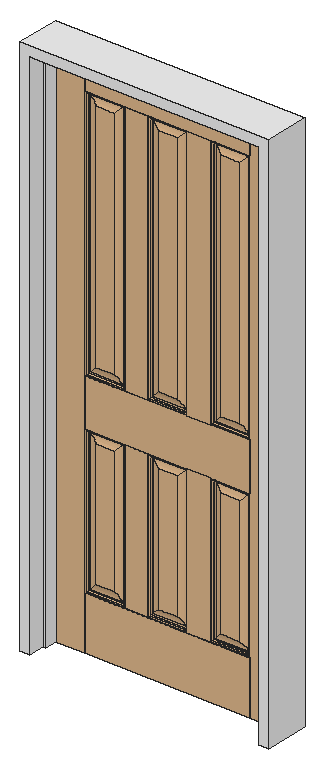
Revit family
Parameters (values of type "1 3/4" Raised Panel")
  URL = "http://www.karonadoor.com"
  Thickness Note = "Do not edit thickness."  # constant formula
  Thickness = 1.774"
  Swing Angle 2D = 90.00°
  SmartBIM Object Version = 1  # constant formula
  SmartBIM Object Created By = "Reed Construction Data"  # constant formula
  Rough Width = 0.000"
  Rough Height = 1.750"
  Panel = Panel_K3060_Karona : 1 3/4" - Raised Panel
  Model = "K3060 Ogee"  # constant formula
  Manufacturer = "Karona , Inc."  # constant formula
  Detail Door Thickness = 1.750"
  Assembly Code = ""
  Top Rail Height = 5.000"
  Top Rail = Wood, Cherry - Grain Horizontal
  Stile Width = 5.063"
  Stile = Wood, Cherry - Grain Vertical
  Sticking = Wood, Cherry - Grain Vertical
  Middle Rail = Wood, Cherry - Grain Horizontal
  Height = 84.000"
  Wall Closure = (empty or 0)
  Width = 36.000"
  Frame = Metal
  Bottom Rail Height = 8.500"
  Bottom Rail = Wood, Cherry - Grain Horizontal
  95 CSI = "08210"  # constant formula
  04 CSI = "08 14 33"  # constant formula
Types (9): name | Thickness | Rough Height | Panel | Detail Door Thickness
  1 3/4" Flat Panel | 1.774" | 1.750" | Panel_K3060_Karona : 1 3/4" - Flat Panel | 1.750"
  1 3/8" Flat Panel | 1.334" | 0.000" | Panel_K3060_Karona : 1 3/8" - Flat Panel | 1.375"
  2 1/4" Flat Panel | 2.250" | 0.000" | Panel_K3060_Karona : 2 1/4" - Flat Panel | 2.250"
  1 3/4" Glass Panel | 1.774" | 1.750" | Panel_K3060_Karona : 1 3/4" - Glass Panel | 1.750"
  1 3/8" Glass Panel | 1.334" | 0.000" | Panel_K3060_Karona : 1 3/8" - Glass Panel | 1.375"
  2 1/4" Glass Panel | 2.250" | 0.000" | Panel_K3060_Karona : 2 1/4" - Glass | 2.250"
  1 3/4" Raised Panel | 1.774" | 1.750" | Panel_K3060_Karona : 1 3/4" - Raised Panel | 1.750"
  1 3/8" Raised Panel | 1.334" | 0.000" | Panel_K3060_Karona : 1 3/8" - Raised Panel | 1.375"
  2 1/4" Raised Panel | 2.250" | 0.000" | Panel_K3060_Karona : 2 1/4" - Raised Panel | 2.250"
Reference planes (in)
  plane 1 "Center (Front/Back)": y = 0
  plane 2 "Center (Left/Right)": x = 0
  plane 3 "Left": x = -18
  plane 4 "Right": x = 18
  plane 5 "Top": z = 84
  plane 6 "Exterior Edge of Frame": y = 3.5
  plane 7 "Interior Edge of Frame": y = -3.5
  plane 8: y = 1
  plane 9: y = -1
  plane 10 "Opening Left": x = -19.5
  plane 11 "Opening Right": x = 19.5
  plane 12 "Top of Opening": z = 85.5
  plane 13: x = -17.5
Forms (in)
  Sweep 1, solid, material "Metal" <- "Frame"
    path origin (0, 0, 0) x (1, 0, 0) y (0, 0, 1)
      loop
        line (-19.5, 0) -> (-19.5, 85.5) -> (19.5, 85.5) -> (19.5, 0)
    profile origin (-19.5, 0, 42.75) x (-1, 0, 0) y (0, -1, 0)
      loop
        line (0, -3.5) -> (0, 3.5) -> (-1.5, 3.5) -> (-1.5, 1) -> (-2, 1) -> (-2, -1) -> (-1.5, -1) -> (-1.5, -3.5) -> (0, -3.5)
Lines and regions (in)
  Opening 1
    outline origin (-90, -3, 0) x (1, 0, 0) y (0, 0, 1)
      loop
        line (70.5, 0) -> (109.5, 0) -> (109.5, 85.5) -> (70.5, 85.5) -> (70.5, 0)
  symbolic lines, style "Elevation Swing"
    curve 1: line (18, 3, 0) -> (-18, 3, 42)
    curve 2: line (-18, 3, 42) -> (18, 3, 84)
Text (in)
  text "Exterior" at (-46.13199, 20.20143, 0), in view "Ref. Level"
  text "Interior" at (-46.13199, -10.56751, 0), in view "Ref. Level"
  text "Exterior" at (0, 40.15149, 123.01588), in view "Right"
  text "Interior" at (0, -64.39139, 123.01588), in view "Right"
  text "Interior" at (0, -31.01599, 123.00693), in view "Left"
  text "Exterior" at (0, 54.57065, 123.00693), in view "Left"
Dimensions and locks (in)
  "Height": level to plane 5 "Top"
  "Width": plane 3 "Left" to plane 4 "Right"
  equal spacing: host wall, curve 2, plane 5 "Top"
  locked: host wall to plane 7 "Interior Edge of Frame" at 0.5
  locked: plane 6 "Exterior Edge of Frame" to host wall at 0.5
  locked: plane 9 to plane 7 "Interior Edge of Frame" at 2.5
  locked: plane 6 "Exterior Edge of Frame" to plane 8 at 2.5
  equal spacing: plane 3 "Left", plane 2 "Center (Left/Right)", plane 4 "Right"
  locked: plane 4 "Right" to plane 11 "Opening Right" at 1.5
  locked: plane 5 "Top" to plane 12 "Top of Opening" at 1.5
  locked: plane 3 "Left" to plane 13 at 0.5
  locked: plane 10 "Opening Left" to plane 3 "Left" at 1.5
  aligned and locked: Opening 1 sketch curve to level
  aligned and locked: plane 4 "Right" to curve 1
  aligned and locked: plane 3 "Left" to curve 1
  aligned and locked: plane 5 "Top" to curve 2
  aligned and locked: Opening 1 sketch curve to plane 11 "Opening Right"
  aligned and locked: plane 12 "Top of Opening" to Opening 1 sketch curve
  aligned and locked: Opening 1 sketch curve to plane 10 "Opening Left"
  aligned and locked: plane 10 "Opening Left" to Sweep 1 sketch curve
  aligned and locked: plane 12 "Top of Opening" to Sweep 1 sketch curve
  aligned and locked: plane 11 "Opening Right" to Sweep 1 sketch curve
  aligned and locked: level to Sweep 1 sketch curve  (x2)
  aligned and locked: Sweep 1 sketch curve to plane 10 "Opening Left"
  aligned and locked: Sweep 1 sketch curve to plane 6 "Exterior Edge of Frame"
  aligned and locked: Sweep 1 sketch curve to plane 7 "Interior Edge of Frame"
  aligned and locked: Sweep 1 sketch curve to plane 8
  aligned and locked: Sweep 1 sketch curve to plane 9
  aligned and locked: plane 13 to Sweep 1 sketch curve
  aligned and locked: plane 3 "Left" to Sweep 1 sketch curve  (x2)
  aligned and locked: nested 1 to plane 2 "Center (Left/Right)"
  aligned and locked: nested 1 to plane 8
  aligned and locked: nested 2 to plane 3 "Left"
  aligned and locked: nested 2 to plane 8
Automatic sketch dimensions
  curve 1 to level = 0.000"
  curve 2 to plane 4 "Right" = 0.000"
Nested families (in)
  nested 1: "Panel_K3060_Karona" at (-13.5, 0.6575, 0) x (-1, 0, 0) z (0, 0, 1), type <- "Panel", type "1 3/4" - Raised Panel"
    with Top Panel Height 40.000", Panel Height 70.500", Height 84.000", Bottom Rail Height 8.500", Bottom Panel Height 23.000"
  nested 2: "Door Panel Plan View" at (-31.5, 1, 0) x (-1, 0, 0) z (0, 0, 1), type "Door Panel Plan View"
    with Thickness 1.750", Height 84.000"
Definition of nested family "Panel_K3060_Karona"
  Parameters (values of type "1 3/4" - Raised Panel")
    Width = 36.000"
    Top Rail Material = Wood, Cherry - Grain Horizontal
    Top Rail Height = 5.000"
    Top Panel Height = Height - (Bottom Panel Height + Top Rail Height + Bottom Rail Height + Lock Rail Height)  # 56.000"
    Thickness Note = "Do not change door thickness"  # constant formula
    Thickness = 1.774"
    Stile Width = 5.063"
    Stile Material = Wood, Cherry - Grain Vertical
    Sticking Material = Wood, Cherry - Grain Vertical
    Panel Width = (Width - (2 * Stile Width) - (2 * Mullion Width)) / 3  # 6.208"
    Panel Height = Height - (Bottom Rail Height + Top Rail Height)  # 80.000"
    Panel = Glass-Sticking-Assembly-Ogee_Karona : Raised Panel
    Mullion Width = 3.625"  # constant formula
    Lock Rail Height = 7.500"  # constant formula
    Interior Panel = Wood, Cherry - Grain Vertical
    Height = 100.000"
    Half Panel Width = 0.5 * Panel Width  # 3.104"
    Exterior Edge - Glass Bottom Offset = if(Thickness = 1.774", 0.567", if(Thickness = 2.250", 0.803", 0.469"))  # 0.567"
    Door Panel Material = Wood, Cherry - Grain Vertical
    Default Elevation = 0.000"  # constant formula
    Bottom Rail Material = Wood, Cherry - Grain Horizontal
    Bottom Rail Height = 15.000"
    Bottom Panel Height = Bottom Height - (Lock Rail Height + Bottom Rail Height)  # 16.500"
    Bottom Height = 39.000"
    Assembly Code = ""
  Types (9): name | Top Panel Height | Thickness | Panel Height | Panel | Interior Panel | Height | Exterior Edge - Glass Bottom Offset | Bottom Rail Height | Bottom Panel Height
    2 1/4" - Flat Panel | 40.000" | 2.250" | 70.500" | Glass-Sticking-Assembly-Ogee_Karona : Flat Panel | Wood, Cherry - Grain Vertical | 84.000" | 0.803" | 8.500" | 23.000"
    2 1/4" - Glass | 40.000" | 2.250" | 70.500" | Glass-Sticking-Assembly-Ogee_Karona : Glass Panel | Glass | 84.000" | 0.803" | 8.500" | 23.000"
    2 1/4" - Raised Panel | 40.000" | 2.250" | 70.500" | Glass-Sticking-Assembly-Ogee_Karona : Raised Panel | Wood, Cherry - Grain Vertical | 84.000" | 0.803" | 8.500" | 23.000"
    1 3/4" - Raised Panel | 56.000" | 1.774" | 80.000" | Glass-Sticking-Assembly-Ogee_Karona : Raised Panel | Wood, Cherry - Grain Vertical | 100.000" | 0.567" | 15.000" | 16.500"
    1 3/4" - Flat Panel | 40.000" | 1.774" | 70.500" | Glass-Sticking-Assembly-Ogee_Karona : Flat Panel | Wood, Cherry - Grain Vertical | 84.000" | 0.567" | 8.500" | 23.000"
    1 3/4" - Glass Panel | 40.000" | 1.774" | 70.500" | Glass-Sticking-Assembly-Ogee_Karona : Glass Panel | Glass | 84.000" | 0.567" | 8.500" | 23.000"
    1 3/8" - Raised Panel | 40.000" | 1.334" | 70.500" | Glass-Sticking-Assembly-Ogee_Karona : Raised Panel | Wood, Cherry - Grain Vertical | 84.000" | 0.469" | 8.500" | 23.000"
    1 3/8" - Glass Panel | 40.000" | 1.334" | 70.500" | Glass-Sticking-Assembly-Ogee_Karona : Glass Panel | Glass | 84.000" | 0.469" | 8.500" | 23.000"
    1 3/8" - Flat Panel | 40.000" | 1.334" | 70.500" | Glass-Sticking-Assembly-Ogee_Karona : Flat Panel | Wood, Cherry - Grain Horizontal | 84.000" | 0.469" | 8.500" | 23.000"
  Reference planes (in)
    plane 1 "Center (Front/Back)": y = 1.2295
    plane 2: z = 0
    plane 3 "Center (Left/Right)": x = -13.5
    plane 4 "Left": x = -31.5
    plane 5: x = 4.5
    plane 6 "Inner Left": x = -26.437
    plane 7 "Inner Right": x = -0.563
    plane 8: z = 15
    plane 9 "Bottom Of Top Rail": z = 95
    plane 10 "Top": z = 100
    plane 11 "Interior Edge of Door": y = 2.1165
    plane 12: z = 95
    plane 13 "Exterior Edge of Door": y = 0.3425
    plane 14 "Bottom of Glass": y = 0.9095
    plane 15 "Left Panel Vertical Midline": x = -23.333
    plane 16 "Right Panel Vertical Midline": x = -3.667
    plane 17 "Center of Left Vertical Mullion": x = -18.4165
    plane 18 "Center of Right Vertical Mullion": x = -8.5835
    plane 19: z = 39
    plane 20: z = 31.5
    plane 21: z = 67
    plane 22: z = 23.25
  Forms (in)
    Extrusion 1, solid, material "Wood, Cherry - Grain Horizontal" <- "Bottom Rail Material"
      sketch origin (0, -101.3125, 0) x (1, 0, 0) y (0, 0, 1)
        loop
          line (-26.437, 0) -> (-0.563, 0) -> (-0.563, 15) -> (-26.437, 15) -> (-26.437, 0)
      from -103.429 to -101.655
    Extrusion 2, solid, material "Wood, Cherry - Grain Vertical" <- "Stile Material"
      sketch origin (0, 1.2295, 0) x (1, 0, 0) y (0, 0, 1)
        loop
          line (-31.5, 100) -> (-31.5, 0) -> (-26.437, 0) -> (-26.437, 100) -> (-31.5, 100)
        loop
          line (-0.563, 0) -> (4.5, 0) -> (4.5, 100) -> (-0.563, 100) -> (-0.563, 0)
      from -0.887 to 0.887
    Extrusion 3, solid, material "Wood, Cherry - Grain Horizontal" <- "Top Rail Material"
      sketch origin (0, 1.2295, 0) x (1, 0, 0) y (0, 0, 1)
        loop
          line (-26.437, 100) -> (-26.437, 95) -> (-0.563, 95) -> (-0.563, 100) -> (-26.437, 100)
      from -0.887 to 0.887
    Extrusion 4, solid, material "Wood, Cherry - Grain Vertical" <- "Stile Material"
      sketch origin (0, 1.2295, 0) x (1, 0, 0) y (0, 0, 1)
        loop
          line (-20.229, 39) -> (-16.604, 39) -> (-16.604, 95) -> (-20.229, 95) -> (-20.229, 39)
        loop
          line (-10.396, 39) -> (-6.771, 39) -> (-6.771, 95) -> (-10.396, 95) -> (-10.396, 39)
        loop
          line (-20.229, 31.5) -> (-20.229, 15) -> (-16.604, 15) -> (-16.604, 31.5) -> (-20.229, 31.5)
        loop
          line (-10.396, 31.5) -> (-10.396, 15) -> (-6.771, 15) -> (-6.771, 31.5) -> (-10.396, 31.5)
      from -0.887 to 0.887
    Extrusion 5, solid, material "Wood, Cherry - Grain Horizontal" <- "Top Rail Material"
      sketch origin (-31.5, 1.2295, 0) x (0, 0, 1) y (0, 1, 0)
        loop
          line (39, 0.887) -> (31.5, 0.887) -> (31.5, -0.887) -> (39, -0.887) -> (39, 0.887)
      from -30.937 to -5.063
  Text (in)
    text "EXTERIOR" at (-34.59289, -1.27941, 0), in view "Ref. Level"
    text "EXTERIOR" at (0, -9.65287, 72.76687), in view "Left"
    text "EXTERIOR" at (0, -33.33473, 96.68074), in view "Right"
  Dimensions and locks (in)
    equal spacing: plane 4 "Left", plane 3 "Center (Left/Right)", plane 5
    "Width": plane 4 "Left" to plane 5
    "Stile Width": plane 4 "Left" to plane 6 "Inner Left"
    "Stile Width": plane 5 to plane 7 "Inner Right"
    "Bottom Rail Height": plane 8 to plane 2
    "Top Rail Height": plane 10 "Top" to plane 9 "Bottom Of Top Rail"
    "Height": plane 10 "Top" to plane 2
    equal spacing: plane 11 "Interior Edge of Door", plane 1 "Center (Front/Back)", plane 13 "Exterior Edge of Door"
    "Thickness": plane 11 "Interior Edge of Door" to plane 13 "Exterior Edge of Door"
    "Exterior Edge - Glass Bottom Offset": plane 14 "Bottom of Glass" to plane 13 "Exterior Edge of Door"
    "Exterior Edge - Glass Bottom Offset": plane 13 "Exterior Edge of Door" to plane 14 "Bottom of Glass"
    "Half Panel Width": plane 15 "Left Panel Vertical Midline" to plane 6 "Inner Left"
    "Half Panel Width": plane 7 "Inner Right" to plane 16 "Right Panel Vertical Midline"
    equal spacing: plane 3 "Center (Left/Right)", plane 17 "Center of Left Vertical Mullion", plane 15 "Left Panel Vertical Midline"
    equal spacing: Extrusion 4 sketch curve, plane 17 "Center of Left Vertical Mullion", Extrusion 4 sketch curve  (x2)
    locked: Extrusion 4 sketch curve to Extrusion 4 sketch curve at 3.625  (x4)
    equal spacing: plane 16 "Right Panel Vertical Midline", plane 18 "Center of Right Vertical Mullion", plane 3 "Center (Left/Right)"
    equal spacing: Extrusion 4 sketch curve, plane 18 "Center of Right Vertical Mullion", Extrusion 4 sketch curve  (x2)
    "Lock Rail Height": plane 19 to plane 20
    "Lock Rail Height": Extrusion 5 sketch curve to Extrusion 5 sketch curve
    Extrusion 5 to Extrusion 5 = 25.874"
    equal spacing: plane 12, plane 21, plane 19
    equal spacing: plane 20, plane 22, plane 8
    "Bottom Height": plane 19 to level
    aligned and locked: Extrusion 1 to plane 2
    aligned and locked: plane 11 "Interior Edge of Door" to Extrusion 1
    aligned and locked: plane 4 "Left" to Extrusion 2 sketch curve
    aligned and locked: Extrusion 2 sketch curve to plane 10 "Top"
    aligned and locked: Extrusion 2 sketch curve to Extrusion 1  (x3)
    aligned and locked: Extrusion 1 to Extrusion 2 sketch curve
    aligned and locked: plane 10 "Top" to Extrusion 2 sketch curve
    aligned and locked: plane 5 to Extrusion 2 sketch curve
    aligned and locked: plane 11 "Interior Edge of Door" to Extrusion 2
    aligned and locked: Extrusion 2 to Extrusion 3 sketch curve
    aligned and locked: Extrusion 3 sketch curve to Extrusion 2
    aligned and locked: plane 11 "Interior Edge of Door" to Extrusion 3
    aligned and locked: plane 12 to plane 9 "Bottom Of Top Rail"
    aligned and locked: level to plane 2
    aligned and locked: Extrusion 3 to plane 13 "Exterior Edge of Door"
    aligned and locked: Extrusion 3 to plane 11 "Interior Edge of Door"
    aligned and locked: Extrusion 2 to plane 13 "Exterior Edge of Door"
    aligned and locked: Extrusion 3 to plane 12
    aligned and locked: Extrusion 1 to Extrusion 2
    aligned and locked: nested 1 to plane 1 "Center (Front/Back)"
    aligned and locked: nested 1 to plane 15 "Left Panel Vertical Midline"
    aligned and locked: plane 3 "Center (Left/Right)" to nested 3
    aligned and locked: nested 3 to plane 1 "Center (Front/Back)"
    aligned and locked: nested 2 to plane 1 "Center (Front/Back)"
    aligned and locked: nested 2 to plane 16 "Right Panel Vertical Midline"
    aligned and locked: Extrusion 4 sketch curve to plane 12  (x2)
    aligned and locked: plane 11 "Interior Edge of Door" to Extrusion 4
    aligned and locked: Extrusion 4 to plane 13 "Exterior Edge of Door"
    aligned and locked: plane 11 "Interior Edge of Door" to Extrusion 5 sketch curve
    aligned and locked: Extrusion 5 sketch curve to plane 20
    aligned and locked: Extrusion 5 sketch curve to plane 13 "Exterior Edge of Door"
    aligned and locked: plane 7 "Inner Right" to Extrusion 5
    aligned and locked: Extrusion 5 to plane 6 "Inner Left"
    aligned and locked: Extrusion 4 sketch curve to plane 19  (x2)
    aligned and locked: nested 2 to nested 5
    aligned and locked: plane 15 "Left Panel Vertical Midline" to nested 4
    aligned and locked: plane 3 "Center (Left/Right)" to nested 6
    aligned and locked: Extrusion 4 sketch curve to plane 20  (x2)
    aligned and locked: Extrusion 4 sketch curve to plane 8  (x2)
    aligned and locked: plane 21 to nested 5
    aligned and locked: plane 21 to nested 6
    aligned and locked: plane 21 to nested 4
    aligned and locked: plane 22 to nested 2
    aligned and locked: plane 22 to nested 3
    aligned and locked: plane 22 to nested 1
  Automatic sketch dimensions
    Extrusion 1 sketch curve to plane 6 "Inner Left" = 0.000"
    Extrusion 1 sketch curve to plane 7 "Inner Right" = 0.000"
    Extrusion 1 sketch curve to level = 0.000"
    Extrusion 1 sketch curve to plane 8 = 0.000"
    Extrusion 3 sketch curve to plane 7 "Inner Right" = 0.000"
    Extrusion 3 sketch curve to plane 9 "Bottom Of Top Rail" = 0.000"
  Nested families (in)
    nested 1: "Glass-Sticking-Assembly-Ogee_Karona" at (-23.80175, 1.378, 15), Width <- "Panel Width", Height <- "Bottom Panel Height", type <- "Panel", type "Raised Panel"
      with Width 6.208", Height 16.500"
    nested 2: "Glass-Sticking-Assembly-Ogee_Karona" at (-4.13575, 1.378, 15), Width <- "Panel Width", Height <- "Bottom Panel Height", type <- "Panel", type "Raised Panel"
      with Width 6.208", Height 16.500"
    nested 3: "Glass-Sticking-Assembly-Ogee_Karona" at (-13.96875, 1.378, 15), Width <- "Panel Width", Height <- "Bottom Panel Height", type <- "Panel", type "Raised Panel"
      with Width 6.208", Height 16.500"
    nested 4: "Glass-Sticking-Assembly-Ogee_Karona" at (-23.80175, 1.38, 39), Width <- "Panel Width", Height <- "Top Panel Height", type <- "Panel", type "Raised Panel"
      with Width 6.208", Height 56.000"
    nested 5: "Glass-Sticking-Assembly-Ogee_Karona" at (-4.13575, 1.38, 39), Width <- "Panel Width", Height <- "Top Panel Height", type <- "Panel", type "Raised Panel"
      with Width 6.208", Height 56.000"
    nested 6: "Glass-Sticking-Assembly-Ogee_Karona" at (-13.96875, 1.38, 39), Width <- "Panel Width", Height <- "Top Panel Height", type <- "Panel", type "Raised Panel"
      with Width 6.208", Height 56.000"
  Definition of nested family "Glass-Sticking-Assembly-Ogee_Karona"
    Parameters (values of type "Glass Panel")
      Width [instance] = 5.000"
      Vertical Profile Offset = if(Glass Panel, 0.490", 0.100")  # 0.490"
      Stop Adjustment = if(and(not(Glass Panel), Door Thickness = 1.774"), 0.513", if(and(not(Glass Panel), Door Thickness = 2.250"), 0.513", if((Glass Panel), 0.125", 0.273")))  # 0.125"
      Profile = Wood, Cherry - Grain Vertical
      Height [instance] = 23.000"
      Raised Panel = no
      Interior Panel = Glass
      Glass Panel = yes
      Door Thickness = 1.334"
      C = if(Door Thickness = 1.774", 0.131", if(Door Thickness = 2.250", 0.370", 0.093"))  # 0.093"
      B = if(Door Thickness = 1.774", 0.567", if(Door Thickness = 2.250", 0.803", 0.469"))  # 0.469"
      Assembly Code = ""
      A = if(Door Thickness = 1.774", 0.128", if(Door Thickness = 2.250", 0.364", 0.095"))  # 0.095"
    Types (3): name | Width | Vertical Profile Offset | Stop Adjustment | Raised Panel | Interior Panel | Glass Panel | Door Thickness | C | B | A
      Glass Panel | 5.000" | 0.490" | 0.125" | no | Glass | yes | 1.334" | 0.093" | 0.469" | 0.095"
      Flat Panel | 4.500" | 0.100" | 0.513" | no | Wood, Cherry - Grain Vertical | no | 2.250" | 0.370" | 0.803" | 0.364"
      Raised Panel | 4.000" | 0.100" | 0.513" | yes | Wood, Cherry - Grain Vertical | no | 2.250" | 0.370" | 0.803" | 0.364"
    Reference planes (in)
      plane 1 "Stop Adjustment Edge": y = -0.3455
      plane 2: z = 0
      plane 3 "Center (Left/Right)": x = 0.46875
      plane 4 "Back": y = 0.3945
      plane 5 "Front": y = -0.9395
      plane 6 "Left": x = -2.03125
      plane 7 "Right": x = 2.96875
      plane 8 "Top": z = 23
      plane 9 "Center (Up/Down)": z = 11.5
      plane 10 "Bottom of Stop": y = -0.2205
      plane 11 "Bottom of Glass": y = -0.4705
      plane 12 "Right Edge of Glass": x = 2.91875
      plane 13 "Left Edge of Glass": x = -1.98125
      plane 14 "Top Edge of Glass": z = 22.90625
      plane 15 "Bottom Edge of Glass": z = 0.09375
      plane 16: x = 2.84375
      plane 17 "A": y = -0.8445
      plane 18 "C": y = 0.3015
      plane 19 "Bottom Cut Line": z = 0.438
      plane 20 "Top Cut Line": z = 22.562
      plane 21 "Cut Vertical Left": x = -1.59325
      plane 22 "Cut Vertical": x = 2.53075
      plane 23 "Center (Front/Back)": y = -0.2725
    Forms (in)
      Sweep 1, solid, material "Wood, Cherry - Grain Vertical" <- "Profile"
        path origin (0, -0.3455, 0) x (1, 0, 0) y (0, 0, 1)
          loop
            line (2.96875, 23) -> (-2.03125, 23) -> (-2.03125, 0) -> (2.96875, 0) -> (2.96875, 23)
        profile origin (2.96875, -0.3455, 11.5) x (0, -1, 0) y (1, 0, 0)
          loop
            line (-0.647, 0) -> (-0.647, -0.438) -> (-0.125, -0.438) -> (-0.125, -0.05) -> (0.125, -0.05) -> (0.125, -0.438) -> (0.499, -0.438) -> (0.499, 0) -> (-0.647, 0)
      Extrusion 2, solid, material "Glass" <- "Interior Panel"
        sketch origin (0, 0, 0) x (1, 0, 0) y (0, 1, 0)
          loop
            line (-1.98125, -0.2205) -> (-1.98125, -0.4705) -> (2.91875, -0.4705) -> (2.91875, -0.2205) -> (-1.98125, -0.2205)
        from 0.09375 to 22.90625
      Extrusion 3, solid, material "Wood, Cherry - Grain Vertical" <- "Profile", visible <- "Raised Panel"
        sketch origin (0, 0, 0) x (1, 0, 0) y (0, 1, 0)
          loop
            line (2.53075, 0.3015) -> (-1.59325, 0.3015) -> (-1.59325, -0.2205) -> (2.53075, -0.2205) -> (2.53075, 0.3015)
          loop
            line (-1.59325, -0.4705) -> (-1.59325, -0.8445) -> (2.53075, -0.8445) -> (2.53075, -0.4705) -> (-1.59325, -0.4705)
        from 0.438 to 22.562
      Sweep 4, void
        path origin (0, -0.2205, 0) x (-1, 0, 0) y (0, 0, 1)
          loop
            line (2.03125, 0) -> (2.03125, 23) -> (-2.96875, 23) -> (-2.96875, 0) -> (2.03125, 0)
        profile "Profile : 05" origin (-2.03125, -0.2205, 11.5) x (1, 0, 0) y (0, 1, 0)
          loop
            line (0, 0.49) -> (0.36169, 0.49096)
            arc (0.36169, 0.49096) -> (1.01257, 0.57642) -> (1.61934, 0.827) r 2.52143
            line (1.61934, 0.827) -> (0, 0.827) -> (0, 0.49)
      Sweep 5, void
        path origin (0, -0.4705, 0) x (-1, 0, 0) y (0, 0, 1)
          loop
            line (-2.96875, 23) -> (-2.96875, 0) -> (2.03125, 0) -> (2.03125, 23) -> (-2.96875, 23)
        profile "Profile : 05" origin (2.96875, -0.4705, 11.5) x (-1, 0, 0) y (0, 1, 0)
          loop
            line (0, -0.102) -> (0, -0.439) -> (1.61934, -0.439)
            arc (1.61934, -0.439) -> (1.01257, -0.18842) -> (0.36169, -0.10296) r 2.52143
            line (0.36169, -0.10296) -> (0, -0.102)
      Sweep 6, void
        path origin (0, 0.3015, 0) x (1, 0, 0) y (0, 0, 1)
          loop
            line (-1.59325, 0.438) -> (2.53075, 0.438) -> (2.53075, 22.562) -> (-1.59325, 22.562) -> (-1.59325, 0.438)
        profile "QuarterCircleCut : QuarterCircleCut" origin (2.53075, 0.3015, 11.5) x (-1, 0, 0) y (0, -1, 0)
          loop
            arc (0.3196, 0) -> (0.182, 0.057) -> (0.125, 0.1946) r 0.1946
            line (0.125, 0.1946) -> (0.125, 0.27745) -> (0, 0.27745) -> (0, 0) -> (0.3196, 0)
      Sweep 7, void
        path origin (0, -0.8445, 0) x (1, 0, 0) y (0, 0, 1)
          loop
            line (-1.59325, 0.438) -> (2.53075, 0.438) -> (2.53075, 22.562) -> (-1.59325, 22.562) -> (-1.59325, 0.438)
        profile "QuarterCircleCut : QuarterCircleCut" origin (2.53075, -0.8445, 11.5) x (-1, 0, 0) y (0, -1, 0)
          loop
            line (0.3196, 0) -> (0, 0) -> (0, -0.27745) -> (0.125, -0.27745) -> (0.125, -0.1946)
            arc (0.125, -0.1946) -> (0.182, -0.057) -> (0.3196, 0) r 0.1946
    Cuts and joins
      Sweep 4, Sweep 5, Sweep 7 cuts Extrusion 3
      Sweep 6, Sweep 7 cuts Sweep 1
    Text (in)
      text "INTERIOR" at (-14.3788, 3.49864, 0), in view "Ref. Level"
    Dimensions and locks (in)
      equal spacing: plane 6 "Left", plane 3 "Center (Left/Right)", plane 7 "Right"
      "Width": plane 6 "Left" to plane 7 "Right"
      "Door Thickness": plane 4 "Back" to plane 5 "Front"
      "Height": plane 8 "Top" to plane 2
      equal spacing: plane 8 "Top", plane 9 "Center (Up/Down)", level
      locked: plane 1 "Stop Adjustment Edge" to plane 11 "Bottom of Glass" at 0.125
      "Stop Adjustment": plane 10 "Bottom of Stop" to plane 1 "Stop Adjustment Edge"
      locked: plane 12 "Right Edge of Glass" to plane 7 "Right" at 0.05
      locked: plane 8 "Top" to plane 14 "Top Edge of Glass" at 0.09375
      locked: plane 15 "Bottom Edge of Glass" to level at 0.09375
      locked: plane 6 "Left" to plane 13 "Left Edge of Glass" at 0.05
      "B": plane 5 "Front" to plane 11 "Bottom of Glass"
      locked: plane 16 to plane 7 "Right" at 0.125
      "A": plane 5 "Front" to plane 17 "A"
      "C": plane 18 "C" to plane 4 "Back"
      plane 4 "Back" to Sweep 1 = 0.615"
      locked: plane 19 "Bottom Cut Line" to level at 0.438
      locked: plane 8 "Top" to plane 20 "Top Cut Line" at 0.438
      locked: plane 6 "Left" to plane 21 "Cut Vertical Left" at 0.438
      locked: plane 22 "Cut Vertical" to plane 7 "Right" at 0.438
      equal spacing: plane 4 "Back", plane 23 "Center (Front/Back)", plane 5 "Front"
      aligned and locked: Sweep 1 sketch curve to plane 7 "Right"
      aligned and locked: Sweep 1 sketch curve to plane 8 "Top"
      aligned and locked: Sweep 1 sketch curve to plane 6 "Left"
      aligned and locked: Sweep 1 sketch curve to level
      aligned and locked: plane 10 "Bottom of Stop" to Sweep 1 sketch curve
      aligned and locked: plane 11 "Bottom of Glass" to Sweep 1 sketch curve
      aligned and locked: Extrusion 2 sketch curve to plane 13 "Left Edge of Glass"
      aligned and locked: Extrusion 2 sketch curve to plane 10 "Bottom of Stop"
      aligned and locked: Extrusion 2 sketch curve to plane 11 "Bottom of Glass"
      aligned and locked: Extrusion 2 sketch curve to plane 12 "Right Edge of Glass"
      aligned and locked: plane 14 "Top Edge of Glass" to Extrusion 2
      aligned and locked: Extrusion 2 to plane 15 "Bottom Edge of Glass"
      aligned and locked: Extrusion 3 sketch curve to plane 18 "C"
      aligned and locked: Extrusion 3 sketch curve to plane 10 "Bottom of Stop"
      aligned and locked: Extrusion 3 sketch curve to plane 11 "Bottom of Glass"
      aligned and locked: Extrusion 3 sketch curve to plane 17 "A"
      aligned and locked: Extrusion 3 to plane 19 "Bottom Cut Line"
      aligned and locked: Extrusion 3 to plane 20 "Top Cut Line"
      aligned and locked: plane 12 "Right Edge of Glass" to Sweep 1 sketch curve
      aligned and locked: plane 22 "Cut Vertical" to Extrusion 3 sketch curve  (x2)
      aligned and locked: Extrusion 3 sketch curve to plane 21 "Cut Vertical Left"  (x2)
      aligned and locked: plane 22 "Cut Vertical" to Sweep 1 sketch curve
      aligned and locked: Sweep 5 sketch curve to plane 6 "Left"
      aligned and locked: plane 8 "Top" to Sweep 5 sketch curve
      aligned and locked: Sweep 5 sketch curve to plane 7 "Right"
      aligned and locked: level to Sweep 5 sketch curve
      aligned and locked: Sweep 4 sketch curve to plane 7 "Right"
      aligned and locked: plane 8 "Top" to Sweep 4 sketch curve
      aligned and locked: Sweep 4 sketch curve to plane 6 "Left"
      aligned and locked: level to Sweep 4 sketch curve
      aligned and locked: plane 18 "C" to Sweep 1 sketch curve
      aligned and locked: Sweep 6 sketch curve to plane 21 "Cut Vertical Left"
      aligned and locked: plane 22 "Cut Vertical" to Sweep 6 sketch curve
      aligned and locked: Sweep 6 sketch curve to plane 19 "Bottom Cut Line"
      aligned and locked: plane 20 "Top Cut Line" to Sweep 6 sketch curve
      aligned and locked: Sweep 1 sketch curve to plane 22 "Cut Vertical"
      aligned and locked: plane 17 "A" to Sweep 1 sketch curve
      aligned and locked: Sweep 7 sketch curve to plane 21 "Cut Vertical Left"
      aligned and locked: plane 20 "Top Cut Line" to Sweep 7 sketch curve
      aligned and locked: plane 22 "Cut Vertical" to Sweep 7 sketch curve
      aligned and locked: Sweep 7 sketch curve to plane 19 "Bottom Cut Line"
    Automatic sketch dimensions
      Sweep 1 sketch curve to profile plane = 0.000"
Definition of nested family "Door Panel Plan View"
  Parameters (values of type "Door Panel Plan View")
    Width = 36.000"
    Thickness = 2.000"
    Swing Angle 2D = 90.00°
    Height = 0.000"
    Assembly Code = ""
  Reference planes (in)
    plane 1 "Center (Front/Back)": y = 0
    plane 2: z = 0
    plane 3 "Center (Left/Right)": x = -13.5
  Lines and regions (in)
    symbolic lines, style "DoorsPanelProjection"
      curve 1: line (-13.5, 0, 0) -> (-13.5, 36, 0)
      curve 2: line (-15.5, 0, 0) -> (-15.5, 36, 0)
      curve 3: line (-13.5, 0, 0) -> (-15.5, 0, 0)
      curve 4: line (-13.5, 36, 0) -> (-15.5, 36, 0)
    symbolic lines, style "Plan Swing"
      curve 5: arc (-13.5, 36, 0) -> (-38.95584, 25.45584, 0) -> (-49.5, 0, 0) r 36
  Dimensions and locks (in)
    "Width": curve 4 to curve 3
    "Thickness": curve 1 to curve 2
    "Swing Angle 2D": angle curve 1 to plane 1 "Center (Front/Back)"
    aligned and locked: plane 1 "Center (Front/Back)" to curve 5
  Automatic sketch dimensions
    curve 3 to plane 1 "Center (Front/Back)" = 0.000"
    curve 5 to plane 3 "Center (Left/Right)" = 0.000"
    curve 3 to plane 3 "Center (Left/Right)" = 0.000"
